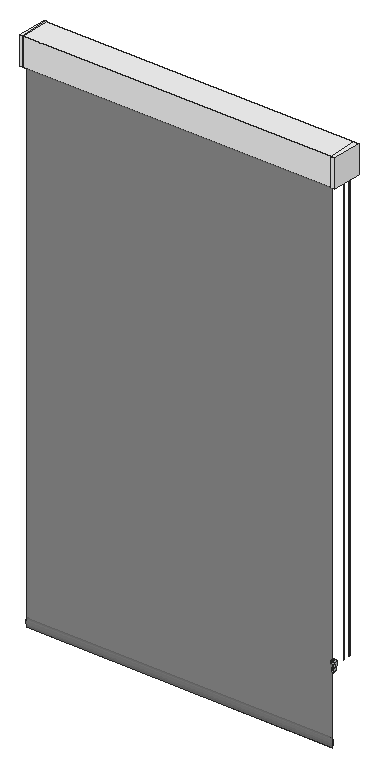
Revit family "WindowShade_RolleaseAcmeda_ContractSeries_5inPocket_R20", category Specialty Equipment, host Wall, Revit 2020
Family settings
  Host = Wall
  Round Connector Dimension = Use Diameter
  Part Type = Normal
  Always vertical = Yes
  Cut with Voids When Loaded = Yes
  Shared = No
  Room Calculation Point = No
Parameters (values of type "5'W x 8'Drop - Manual Left - White")
  Weight Bar = RA - FINISH - WHITE
  URL = "https://www.rolleaseacmedacontract.com/resources/"
  Shade Width Calc = if(Input Bracket Width < 1' 6", 1' 6", if(Input Bracket Width > 12' 0", 12' 0", Input Bracket Width))  # 5' - 0"
  Model = "RA - Contract Series"
  Manufacturer = "Rollease Acmeda"
  Input Bracket Width = 5' - 0"
  Shade Fabric = RA - FABRIC - AMBIENT REVIEW
  Shade Drop Calc = if(Input Shade Drop < 0' 0", 1' 0" / 12, if(Input Shade Drop > 12' 0", 12' 0", Input Shade Drop))  # 8' - 0"
  Input Shade Drop = 8' - 0"
  Description = "RAC Series 1 - 5\" Pocket"
  Contact Email = "contract@rolleaseacmeda.com"
  Drive Motorized Calc = and(not([Drive Manual LH (Select One)]), not([Drive Manual RH (Select One)]))  # no
  Drive Manual Right Calc = and(not([Drive Manual LH (Select One)]), not([Drive Motorized (Select One)]))  # no
  Drive Manual Left Calc = and(not([Drive Manual RH (Select One)]), not([Drive Motorized (Select One)]))  # yes
  Drive Manual RH (Select One) = no
  Drive Manual LH (Select One) = yes
  Header Finish = RA - FINISH - WHITE
  Drive Motorized (Select One) = no
  Default Elevation = 10' - 0"
  Contact Phone = "1-800-552-5100"
  Chain Length = Shade Drop Calc * 0.85  # 6' - 9.6"
  Drop Bar Silent Weight = no
  Drop Bar Internal Hem = not(Drop Bar Silent Weight)  # yes
Types (3): name | Drive Motorized Calc | Drive Manual Right Calc | Drive Manual Left Calc | Drive Manual RH (Select One) | Drive Manual LH (Select One) | Drive Motorized (Select One)
  5'W x 8'Drop - Manual Left - White | no | no | yes | no | yes | no
  5'W x 8'Drop - Manual Right - White | no | yes | no | yes | no | no
  5'W x 8'Drop - Motorized - White | yes | no | no | no | no | yes
Reference planes (in)
  plane 1: y = 0
  plane 2 "Center (Left/Right)": x = 0
  plane 3 "Back": y = 3
  plane 4 "B.O. Ceiling": z = 51.22662
  plane 5 "B.O. Shade": z = -44.77338
  plane 6: x = 30
  plane 7: x = -30
  plane 8: x = -29.19
  plane 9: x = 29.19
Forms (in)
  Extrusion 1, solid, material "RA - FABRIC - AMBIENT REVIEW" <- "Shade Fabric"
    sketch origin (0, 3, -30) x (1, 0, 0) y (0, 0, 1)
      loop
        line (29.19, 81.22662) -> (-29.19, 81.22662) -> (-29.19, -14.77338) -> (29.19, -14.77338) -> (29.19, 81.22662)
    from -0.5 to -0.625
  Sweep 2, solid, material "RA - FABRIC - AMBIENT REVIEW" <- "Shade Fabric", visible <- "Drop Bar Internal Hem", detail levels fine
    path in 3D
      loop
        line (29.19, 3.625, -44.77338) -> (-29.19, 3.625, -44.77338)
    profile "PROFILE - SEALED HEM : PROFILE - SEALED HEM" origin (0, 3.625, -44.77338) x (0, 1, 0) y (0, 0, -1)
      loop
        arc (-0.04652, -0.00918) -> (-0.21009, -0.8709) -> (-0.06158, -1.73535) r 2.46494
        line (-0.06158, -1.73535) -> (0.0003, -1.73535)
        arc (0.0003, -1.73535) -> (0.14882, -0.8709) -> (-0.01476, -0.00918) r 2.46494
        arc (-0.01476, -0.00918) -> (-0.03064, 0.00091) -> (-0.04652, -0.00918) r 0.01753
  Sweep 3, solid, material "RA - FINISH - WHITE" <- "Weight Bar", visible <- "Drop Bar Silent Weight", detail levels fine
    path in 3D
      loop
        line (29.19, 3.625, -44.77338) -> (-29.19, 3.625, -44.77338)
    profile "PROFILE - WEIGHTED DROP : PROFILE - WEIGHTED DROP" origin (0, 3.625, -44.77338) x (0, 1, 0) y (0, 0, -1)
      loop
        arc (0.17315, -1.26562) -> (0.2326, -0.91458) -> (0.23882, -0.55859) r 2.37109
        line (0.23882, -0.55859) -> (0.19081, -0.55859) -> (0.19081, -0.49609) -> (0.23438, -0.49609)
        arc (0.23438, -0.49609) -> (0.21114, -0.30933) -> (0.17315, -0.125) r 2.37109
        line (0.17315, -0.125) -> (0.0158, -0.125) -> (0.0158, 0) -> (-0.07014, 0) -> (-0.07014, -0.125) -> (-0.34638, -0.125) -> (-0.34638, -1.26562) -> (0.17315, -1.26562)
Lines and regions (in)
  sketch lines
    curve 1: line (29.19, 3.625, -44.77338) -> (-29.19, 3.625, -44.77338)
    curve 2: line (29.19, 3.625, -44.77338) -> (-29.19, 3.625, -44.77338)
Text (in)
  text "Placement Side" at (0, 40.15149, 123.01588), in view "Right"
  text "Placement Side" at (-58.6842, 42.74981, 0), in view "Ref. Level"
  text "Placement Side" at (0, 47.49176, 140.59947), in view "Left"
Dimensions and locks (in)
  locked: plane 3 "Back" to host wall
  "Shade Drop Calc": plane 5 "B.O. Shade" to plane 4 "B.O. Ceiling"
  "Shade Drop Calc": Extrusion 1 sketch curve to Extrusion 1 sketch curve
  locked: nested 5 to plane 8 at 0.375
  "Chain Length": nested 5 to plane 4 "B.O. Ceiling"
  locked: nested 9 to plane 9 at 0.375
  "Chain Length": nested 9 to plane 4 "B.O. Ceiling"
  equal spacing: plane 6, plane 2 "Center (Left/Right)", plane 7
  "Shade Width Calc": plane 6 to plane 7
  locked: plane 6 to plane 9 at 0.81
  locked: plane 8 to plane 7 at 0.81
  aligned and locked: nested 1 to plane 4 "B.O. Ceiling"
  aligned and locked: plane 6 to nested 3
  aligned and locked: plane 6 to nested 11
  aligned and locked: nested 7 to plane 6
  aligned and locked: nested 10 to plane 7
  aligned and locked: nested 2 to plane 7
  aligned and locked: plane 7 to nested 6
  aligned and locked: Extrusion 1 sketch curve to plane 9
  aligned and locked: plane 8 to Extrusion 1 sketch curve
Automatic sketch dimensions
  Extrusion 1 sketch curve to plane 5 "B.O. Shade" = 0' - 0"
Nested families (in)
  nested 1: "2.0GeneralHeader" at (0, 3, 53.62404) x (-1, 0, 0) z (0, 1, 0), type "2.0GeneralHeader"
  nested 2: "2.0PocketHeaderCapChain" at (-30, 3, 54.78233) x (-1, 0, 0) z (0, 1, 0), visible <- "Drive Manual Right Calc", type "2.0PocketHeaderCapChain"
  nested 3: "2.0PocketHeaderCap" at (30, 3, 52.9717) x (1, 0, 0) z (0, 1, 0), visible <- "Drive Manual Right Calc", type "2.0PocketHeaderCap"
  nested 4: "PULL CHAIN2" at (-29.5314, 5.66984, 51.22662) x (-1, 0, 0) z (0, 0, -1), visible <- "Drive Manual Right Calc", type "PULL CHAIN2", detail levels fine
    with CHAIN LENGTH 6' - 9.6"
  nested 5: "CHAIN HOLDER" at (-29.565, 3, -30.37338) x (1, 0, 0) z (0, 1, 0), visible <- "Drive Manual Right Calc", type "CHAIN HOLDER", detail levels fine
  nested 6: "2.0PocketHeaderCap" at (-30, 3, 52.9717) x (-1, 0, 0) z (0, 1, 0), visible <- "Drive Manual Left Calc", type "2.0PocketHeaderCap"
  nested 7: "2.0PocketHeaderCapChain" at (30, 3, 54.78233) x (1, 0, 0) z (0, 1, 0), visible <- "Drive Manual Left Calc", type "2.0PocketHeaderCapChain"
  nested 8: "PULL CHAIN2" at (29.5689, 5.66984, 51.22662) x (1, 0, 0) z (0, 0, -1), visible <- "Drive Manual Left Calc", type "PULL CHAIN2", detail levels fine
    with CHAIN LENGTH 6' - 9.6"
  nested 9: "CHAIN HOLDER" at (29.565, 3, -30.37338) x (1, 0, 0) z (0, 1, 0), visible <- "Drive Manual Left Calc", type "CHAIN HOLDER", detail levels fine
  nested 10: "2.0PocketHeaderCapChain" at (-30, 3, 54.78233) x (-1, 0, 0) z (0, 1, 0), visible <- "Drive Motorized Calc", type "2.0PocketHeaderCapChain"
  nested 11: "2.0PocketHeaderCap" at (30, 3, 52.9717) x (1, 0, 0) z (0, 1, 0), visible <- "Drive Motorized Calc", type "2.0PocketHeaderCap"
Definition of nested family "2.0GeneralHeader"
  Parameters (values of type "2.0GeneralHeader")
    Header Width = 5' - 0"
    Header Height = 0' - 5 77/256"
    Header Finish = none
    Header Depth = 0' - 5 161/256"
    Default Elevation = 4' - 0"
  Reference planes (in)
    plane 1 "Center (Front/Back)": y = 0
    plane 2: z = 0
    plane 3 "Center (Left/Right)": x = 0
    plane 4: x = -30
    plane 5: x = 30
    plane 6: y = 2.90336
    plane 7: y = -2.39742
    plane 8: z = 5.62891
  Forms (in)
    Extrusion 1, solid, material <- "Header Finish"
      sketch origin (0, 0, 0) x (1, 0, 0) y (0, 1, 0)
        loop
          line (-30, -2.39742) -> (30, -2.39742) -> (30, 2.90336) -> (-30, 2.90336) -> (-30, -2.39742)
      from 0 to 5.62891
    Extrusion 2, void
      sketch origin (0, 0, 0) x (1, 0, 0) y (0, 1, 0)
        loop
          line (-30, -4.33276) -> (30, -4.33276) -> (30, 4.5) -> (-30, 4.5) -> (-30, -4.33276)
      from 0 to 5.62891
  Lines and regions (in)
    Masking region 1
      outline origin (0, 0, 0) x (1, 0, 0) y (0, 1, 0)
        loop
          line (-30, 2.90336) -> (-30, -2.39742) -> (30, -2.39742) -> (30, 2.90336) -> (-30, 2.90336)
  Dimensions and locks (in)
    "Header Width": plane 4 to plane 5
    "Header Height": plane 7 to plane 6
    "Header Depth": plane 8 to plane 2
    equal spacing: plane 4, plane 3 "Center (Left/Right)", plane 5
    aligned and locked: plane 2 to level
    aligned and locked: plane 4 to Extrusion 1
    aligned and locked: Extrusion 1 to plane 5
    aligned and locked: Extrusion 1 to plane 6
    aligned and locked: Extrusion 1 to plane 7
    aligned and locked: plane 8 to Extrusion 1
    aligned and locked: plane 4 to Masking region 1
    aligned and locked: Masking region 1 to plane 7
    aligned and locked: Masking region 1 to plane 6
    aligned and locked: Masking region 1 to plane 5
    aligned and locked: Extrusion 2 sketch curve to plane 4
    aligned and locked: Extrusion 2 sketch curve to plane 5
    aligned and locked: Extrusion 2 to Extrusion 1
    aligned and locked: Extrusion 2 to level
  Automatic sketch dimensions
    Extrusion 1 sketch curve to plane 4 = 0' - 0"
    plane 5 to Extrusion 1 sketch curve = 0' - 0"
    Extrusion 1 sketch curve to plane 7 = 0' - 0"
    plane 6 to Extrusion 1 sketch curve = 0' - 0"
    Masking region 1 sketch curve to plane 4 = 0' - 0"
    plane 5 to Masking region 1 sketch curve = 0' - 0"
    Masking region 1 sketch curve to plane 7 = 0' - 0"
    plane 6 to Masking region 1 sketch curve = 0' - 0"
    plane 7 to Extrusion 2 sketch curve = 0' - 1.93534"
    Extrusion 2 sketch curve to plane 6 = 0' - 1.59664"
Definition of nested family "2.0PocketHeaderCapChain"
  Parameters (values of type "2.0PocketHeaderCapChain")
    Header Height = 0' - 5 77/256"
    Header Finish = none
    Header Depth = 0' - 5 161/256"
    Default Elevation = 4' - 0"
  Reference planes (in)
    plane 1 "Center (Front/Back)": y = 0
    plane 2: z = 0
    plane 3 "Center (Left/Right)": x = 0
    plane 4: x = -0.81
    plane 5: y = 1.74507
    plane 6: y = -3.55571
    plane 7: z = 5.62891
    plane 8: y = 1.80757
    plane 9: z = 5.69141
    plane 10: y = -3.61821
  Forms (in)
    Extrusion 1, solid, material <- "Header Finish"
      sketch origin (0, 0, 0) x (1, 0, 0) y (0, 1, 0)
        loop
          line (-0.81, -3.55571) -> (0, -3.55571) -> (0, 1.74507) -> (-0.81, 1.74507) -> (-0.81, -3.55571)
      from 0 to 5.62891
  Lines and regions (in)
    Masking region 1
      outline origin (0, 0, 0) x (1, 0, 0) y (0, 1, 0)
        loop
          line (-0.81, 1.74507) -> (-0.81, -3.55571) -> (0, -3.55571) -> (0, 1.74507) -> (-0.81, 1.74507)
  Dimensions and locks (in)
    "Header Height": plane 6 to plane 5
    "Header Depth": plane 7 to plane 2
    locked: plane 4 to plane 3 "Center (Left/Right)" at 0.81
    plane 9 to plane 7 = 0' - 0 1/16"
    plane 6 to plane 10 = 0' - 0 1/16"
    plane 8 to plane 5 = 0' - 0 1/16"
    aligned and locked: plane 2 to level
    aligned and locked: plane 4 to Extrusion 1
    aligned and locked: Extrusion 1 to plane 5
    aligned and locked: plane 6 to Extrusion 1
    aligned and locked: plane 7 to Extrusion 1
    aligned and locked: plane 4 to Masking region 1
    aligned and locked: plane 6 to Masking region 1
    aligned and locked: Masking region 1 to plane 5
    aligned and locked: plane 3 "Center (Left/Right)" to Extrusion 1
    aligned and locked: plane 3 "Center (Left/Right)" to Masking region 1
  Automatic sketch dimensions
    Extrusion 1 sketch curve to plane 4 = 0' - 0"
    Extrusion 1 sketch curve to plane 6 = 0' - 0"
    plane 5 to Extrusion 1 sketch curve = 0' - 0"
    Masking region 1 sketch curve to plane 4 = 0' - 0"
    Masking region 1 sketch curve to plane 6 = 0' - 0"
    plane 5 to Masking region 1 sketch curve = 0' - 0"
    plane 3 "Center (Left/Right)" to Extrusion 1 sketch curve = 0' - 0"
    Masking region 1 sketch curve to plane 3 "Center (Left/Right)" = 0' - 0"
Definition of nested family "2.0PocketHeaderCap"
  Parameters (values of type "2.0PocketHeaderCap")
    Header Height = 0' - 5 77/256"
    Header Finish = none
    Header Depth = 0' - 5 161/256"
    Default Elevation = 4' - 0"
  Reference planes (in)
    plane 1 "Center (Front/Back)": y = 0
    plane 2: z = 0
    plane 3 "Center (Left/Right)": x = 0
    plane 4: x = -0.46
    plane 5: y = 1.74507
    plane 6: y = -3.55571
    plane 7: z = 5.62891
    plane 8: y = 1.80757
    plane 9: z = 5.69141
    plane 10: y = -3.61821
  Forms (in)
    Extrusion 1, solid, material <- "Header Finish"
      sketch origin (0, 0, 0) x (1, 0, 0) y (0, 1, 0)
        loop
          line (-0.46, -3.55571) -> (0, -3.55571) -> (0, 1.74507) -> (-0.46, 1.74507) -> (-0.46, -3.55571)
      from 0 to 5.62891
  Lines and regions (in)
    Masking region 1
      outline origin (0, 0, 0) x (1, 0, 0) y (0, 1, 0)
        loop
          line (-0.46, 1.74507) -> (-0.46, -3.55571) -> (0, -3.55571) -> (0, 1.74507) -> (-0.46, 1.74507)
  Dimensions and locks (in)
    "Header Height": plane 6 to plane 5
    "Header Depth": plane 7 to plane 2
    locked: plane 4 to plane 3 "Center (Left/Right)" at 0.46
    plane 9 to plane 7 = 0' - 0 1/16"
    plane 6 to plane 10 = 0' - 0 1/16"
    plane 8 to plane 5 = 0' - 0 1/16"
    aligned and locked: plane 2 to level
    aligned and locked: plane 4 to Extrusion 1
    aligned and locked: Extrusion 1 to plane 5
    aligned and locked: plane 6 to Extrusion 1
    aligned and locked: plane 7 to Extrusion 1
    aligned and locked: plane 4 to Masking region 1
    aligned and locked: plane 6 to Masking region 1
    aligned and locked: Masking region 1 to plane 5
    aligned and locked: plane 3 "Center (Left/Right)" to Extrusion 1
    aligned and locked: plane 3 "Center (Left/Right)" to Masking region 1
  Automatic sketch dimensions
    Extrusion 1 sketch curve to plane 4 = 0' - 0"
    Extrusion 1 sketch curve to plane 6 = 0' - 0"
    plane 5 to Extrusion 1 sketch curve = 0' - 0"
    Masking region 1 sketch curve to plane 4 = 0' - 0"
    Masking region 1 sketch curve to plane 6 = 0' - 0"
    plane 5 to Masking region 1 sketch curve = 0' - 0"
    plane 3 "Center (Left/Right)" to Extrusion 1 sketch curve = 0' - 0"
    Masking region 1 sketch curve to plane 3 "Center (Left/Right)" = 0' - 0"
Definition of nested family "PULL CHAIN2"
  Parameters (values of type "PULL CHAIN2")
    MANUAL DRIVE CHAIN = yes
    Default Elevation = 4' - 0"
    CHAIN LENGTH = 4' - 0"
  Reference planes (in)
    plane 1 "Center (Front/Back)": y = 0
    plane 2 "bottom": z = 0
    plane 3 "Center (Left/Right)": x = 0
    plane 4 "top": z = 48
  Forms (in)
    Extrusion 1, solid
      sketch origin (0, 0, 0) x (1, 0, 0) y (0, 1, 0)
        loop
          circle (0, 0) r 0.0625
        loop
          circle (0, 1.25) r 0.0625
      from 0 to 48
  Dimensions and locks (in)
    plane 4 "top" to plane 2 "bottom" = 4' - 0"
    "CHAIN LENGTH": plane 4 "top" to plane 2 "bottom"
    aligned and locked: plane 2 "bottom" to level
    aligned and locked: plane 4 "top" to Extrusion 1
    aligned and locked: Extrusion 1 to plane 2 "bottom"
  Automatic sketch dimensions
    Extrusion 1 sketch curve to plane 3 "Center (Left/Right)" = 0' - 0"  (x2)
    plane 1 "Center (Front/Back)" to Extrusion 1 sketch curve = 0' - 0"
    Extrusion 1 sketch curve to Extrusion 1 sketch curve = 0' - 1 1/4"
    radius of Extrusion 1 sketch curve = 0' - 0 1/16"  (x2)
Definition of nested family "CHAIN HOLDER"
  Parameters (values of type "CHAIN HOLDER")
    Default Elevation = 4' - 0"
  Reference planes (in)
    plane 1 "Center (Front/Back)": y = 0
    plane 2: z = 0
    plane 3 "Center (Left/Right)": x = 0
  Forms (in)
    Extrusion 1, solid
      sketch origin (0, -0.90475, 0) x (1, 0, 0) y (0, 1, 0)
        loop
          line (-0.15144, 0) -> (0.15144, 0)
          arc (0.15144, 0) -> (0.30013, 0.06647) -> (0.34975, 0.2216) r 0.19953
          line (0.34975, 0.2216) -> (0.16523, 1.87945)
          arc (0.16523, 1.87945) -> (0.12687, 1.95389) -> (0.04865, 1.98378) r 0.1173
          line (0.04865, 1.98378) -> (-0.04865, 1.98378)
          arc (-0.04865, 1.98378) -> (-0.12687, 1.95389) -> (-0.16523, 1.87945) r 0.1173
          line (-0.16523, 1.87945) -> (-0.34975, 0.2216)
          arc (-0.34975, 0.2216) -> (-0.30013, 0.06647) -> (-0.15144, 0) r 0.19953
        loop
          circle (0, 0.2615) r 0.125
        loop
          circle (0, 1.66775) r 0.125
      from 0 to 0.5
    Extrusion 2, void
      sketch origin (0, -0.90475, 0) x (1, 0, 0) y (0, 1, 0)
        loop
          line (-0.3577, 1.23378) -> (-0.3577, 0.65475) -> (0.3436, 0.65475) -> (0.3436, 1.23378) -> (-0.3577, 1.23378)
      from 0 to 0.375
  Cuts and joins
    Extrusion 2 cuts Extrusion 1
  Dimensions and locks (in)
    aligned and locked: plane 2 to level
